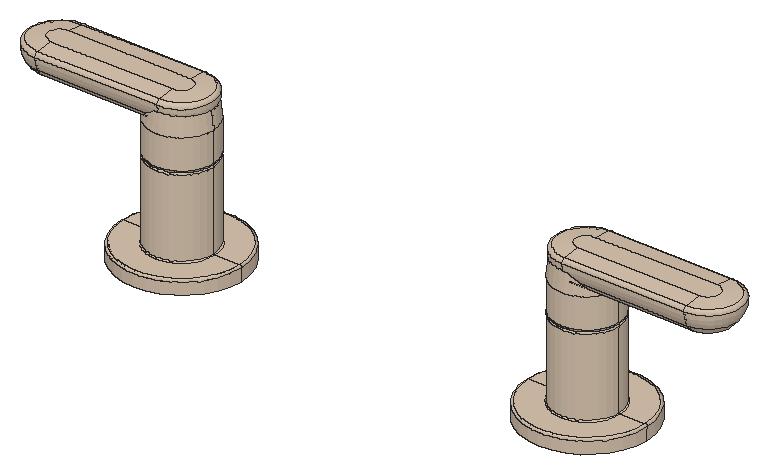
Revit family "Faucet-Wall_Mount-Lavatory-KALLISTA-002-P34128-1", category Plumbing Fixtures, host Face, Revit 2021
Family settings
  Host = Face
  Round Connector Dimension = Use Diameter
  Part Type = Normal
  OmniClass Number = 23.31.11.00
  OmniClass Title = Faucets
  Cut with Voids When Loaded = No
  Shared = No
  Room Calculation Point = No
Parameters (values of type "BAF-Brushed French Gold")
  Width [instance] = Faucet Hole Spacing  # 8"
  WaterSense Certified = 1 = 0  # no
  Waste Water Outlet = "Waste Water Outlet"  # constant formula
  Waste Connection = 1 = 0  # no
  Vent Connection = 1 = 0  # no
  URL = "https://www.kallista.com/"
  Type = 1
  Spout Reach = 3.07874"  # constant formula
  Product Page URL = ""
  Product Name = "002"  # constant formula
  Product Documentation Link = ""
  Pressure = 0.00 psi
  Model = if(Type = 1, "P34128-LV-BAF", if(Type = 2, "P34128-LV-BL", if(Type = 3, "P34128-LV-BN", if(Type = 4, "P34128-LV-CP", if(Type = 5, "P34128-LV-SN", "NA")))))  # "P34128-LV-BAF"
  Material = "Premium Metal Construction"  # constant formula
  Master Format 2014 Name = "Residential Faucets, Supplies, and Trim"  # constant formula
  Master Format 2014 = "22 41 39"  # constant formula
  Manufacturer Address = "444 Highland Dr, Kohler, WI 53044"  # constant formula
  Manufacturer = "Kallista Co."  # constant formula
  Length = Spout Reach  # 3.07874"
  Hot Water Inlet = "Hot Water Inlet"  # constant formula
  Height = 2.3622"  # constant formula
  Handle Clearance = 3 1/256"  # constant formula
  HW Connection = 1 = 1  # yes
  Flow Rate = 0 GPM
  Finish = Kallista-Metal-BAF-Brushed_French_Gold
  Faucet Hole Spacing [instance] = 8"
  Environmental Product Declaration = ""
  Drain Included = 1 = 0  # no
  Description = "Capsule Wall Mount Bath Faucet Handles "  # constant formula
  Default Elevation = 36"
  Declare Label = ""
  Date Modified = "11/30/2023"  # constant formula
  Date Created = "11/30/2023"  # constant formula
  Copyright = "Copyright Kallista Co."  # constant formula
  Contact Us = "https://www.kallista.com/corporate/contact-us/"
  Cold Water Inlet = "Cold Water Inlet"  # constant formula
  CW Connection = 1 = 1  # yes
  Assembly Code = "D2010"
  ADA Compliant = 1 = 0  # no
Types (6): name | Type | Model | Finish
  (no name) | 1 | "P34128-LV-BAF" | Kallista-Metal-BAF-Brushed_French_Gold
  BAF-Brushed French Gold | 1 | "P34128-LV-BAF" | Kallista-Metal-BAF-Brushed_French_Gold
  BN-Brushed Nickel | 3 | "P34128-LV-BN" | Kallista-Metal-BN-Brushed_Nickel
  BL-Matte Black | 2 | "P34128-LV-BL" | Kalista-Metal-BL-Matte_Black
  SN-Polished Nickel | 5 | "P34128-LV-SN" | Kallista-Metal-SN-Polished_Nickel
  CP-Chrome | 4 | "P34128-LV-CP" | Kallista-Metal-CP-Chrome
Reference planes (in)
  plane 1 "Center (Front/Back)": y = 0
  plane 2: z = 0
  plane 3 "Center (Left/Right)": x = 0
  plane 4: x = -4
  plane 5: x = 4
  plane 6: y = 1.1811
  plane 7: y = -1.1811
  plane 8: x = -2.8189
  plane 9: y = 0.98425
  plane 10: y = -0.98425
  plane 11: y = 0.62992
  plane 12: y = -0.62992
  plane 13: x = -7.00391
  plane 14: x = 7.00391
  plane 15: x = -4.62992
  plane 16: x = 5.1811
  plane 17: x = 2.8189
  plane 18: x = -5.1811
  plane 19: x = -3.37008
  plane 20: x = 3.37008
  plane 21: x = 4.62992
  plane 22: z = 3.07874
  plane 23: z = 2.45669
  plane 24: z = 0.27559
Dimensions and locks (in)
  equal spacing: plane 4, plane 3 "Center (Left/Right)", plane 5
  "Width": plane 4 to plane 5
  locked: plane 4 to plane 15 at 0.62992
  locked: plane 4 to plane 18 at 1.1811
  locked: plane 8 to plane 4 at 1.1811
  locked: plane 17 to plane 5 at 1.1811
  locked: plane 5 to plane 16 at 1.1811
  locked: plane 19 to plane 4 at 0.62992
  locked: plane 20 to plane 5 at 0.62992
  plane 5 to plane 21 = 0.62992"
  "Height": plane 6 to plane 7
  "Length": plane 22 to level
  "Handle Clearance": plane 5 to plane 14
  "Handle Clearance": plane 4 to plane 13
  plane 24 to plane 23 = 2.1811"
  level to plane 24 = 0.27559"
  plane 20 to plane 14 = 3.63383"
  plane 5 to plane 14 = 3 1/256"
  plane 21 to plane 20 = 1.25984"
  plane 3 "Center (Left/Right)" to plane 4 = 4"
  plane 11 to plane 12 = 1.25984"
  plane 18 to plane 8 = 2.3622"
  plane 24 to level = 0.27559"
  aligned and locked: plane 2 to host face
  aligned and locked: level to host face
  aligned and locked: plane 4 to nested 1
  aligned and locked: plane 1 "Center (Front/Back)" to nested 1
  aligned and locked: nested 2 to plane 5
  aligned and locked: nested 2 to plane 1 "Center (Front/Back)"
  aligned and locked: plane 22 to nested 1
  aligned and locked: plane 23 to nested 1
Automatic sketch dimensions
  host sketch curve to host sketch curve = 96"  (x2)
Nested families (in)
  nested 1: "P34128" at (-4, 0, 0), type "P34128"
  nested 2: "P34128" at (4, 0, 0) x (-1, 0, 0) z (0, 0, 1), type "P34128"
Connectors (in)
  piping at (-3.89925, 0, 0), diameter 0.5, driven by "HW Connection", driven by "Hot Water Inlet"
    settings: on nested 1, index 1, connector inside diameter 24", connector length 0", flow factor 0, pipe flow 0 GPM, pressure drop 0.00 psi, fitting loss kfactor 0, connector angle 0.00°, fixture units 0, engagement length 0", angle of deflection 0.00°, flow configuration 0, flow direction 1, fitting loss method 0, system type 19, joint type 0, gender type 0, connector reference index -1, connector utility 1, adjustable connector no, is connector primary yes, connector description "Hot Water Inlet"
  piping at (3.89925, 0, 0), diameter 0.5, driven by "CW Connection", driven by "Cold Water Inlet"
    settings: on nested 2, index 2, connector inside diameter 24", connector length 0", flow factor 0, pipe flow 0 GPM, pressure drop 0.00 psi, fitting loss kfactor 0, connector angle 0.00°, fixture units 0, engagement length 0", angle of deflection 0.00°, flow configuration 0, flow direction 1, fitting loss method 0, system type 20, joint type 0, gender type 0, connector reference index -1, connector utility 1, adjustable connector no, is connector primary no, connector description "Cold Water Inlet"
Definition of nested family "P34128"
  Parameters
    Material = none
    Default Elevation = 0"
  Reference planes (in)
    plane 1 "Center (Front/Back)": y = 0
    plane 2: z = 0
    plane 3 "Center (Left/Right)": x = 0
    plane 4: x = -2.50394
    plane 5: y = 0.98425
    plane 6: y = -0.98425
    plane 7: x = -1.1811
    plane 8: x = 1.1811
    plane 9: z = 3.07874
    plane 10: x = -0.62992
    plane 11: x = 0.62992
    plane 12: y = 0.62992
    plane 13: y = -0.62992
    plane 14: x = -3.00394
    plane 15: y = 1.1811
    plane 16: y = -1.1811
    plane 17: z = 0.27559
    plane 18: z = 2.45669
  Forms (in)
    Revolve 1, solid, material <- "Material", detail levels medium+fine
      sketch origin (0, 0, 0) x (1, 0, 0) y (0, 0, 1)
        loop
          line (0, 0) -> (0, 1.94511) -> (-0.43834, 1.94511) -> (-0.43834, 1.85845)
          arc (-0.43834, 1.85845) -> (-0.4443, 1.84406) -> (-0.45869, 1.8381) r 0.02035
          line (-0.45869, 1.8381) -> (-0.60996, 1.8381)
          arc (-0.60996, 1.8381) -> (-0.62408, 1.83225) -> (-0.62992, 1.81814) r 0.01996
          line (-0.62992, 1.81814) -> (-0.62992, 0.29528)
          arc (-0.62992, 0.29528) -> (-0.63569, 0.28136) -> (-0.64961, 0.27559) r 0.01969
          line (-0.64961, 0.27559) -> (-1.14062, 0.27559)
          arc (-1.14062, 0.27559) -> (-1.16925, 0.26373) -> (-1.1811, 0.23511) r 0.04048
          line (-1.1811, 0.23511) -> (-1.1811, 0) -> (0, 0)
        axis (0, 1.94511) -> (0, 0)
      angle from 0 to 360
    Sweep 2, solid, material <- "Material", detail levels medium+fine
      path origin (0, 0, -1.08808) x (1, 0, 0) y (0, 1, 0)
        loop
          arc (-2.39952, 0.60433) -> (-3.00385, 0) -> (-2.39952, -0.60433) r 0.60433
          line (-2.39952, -0.60433) -> (0.00365, -0.60433)
          arc (0.00365, -0.60433) -> (0.60798, 0) -> (0.00365, 0.60433) r 0.60433
          line (0.00365, 0.60433) -> (-2.39952, 0.60433)
      profile origin (-1.19794, 0.60433, -1.08808) x (0, 1, 0) y (0, 0, 1)
        loop
          arc (-0.07473, 3.77749) -> (-0.01445, 3.90942) -> (0.00587, 4.05304) r 0.50531
          arc (0.00587, 4.05304) -> (-0.01273, 4.1045) -> (-0.05974, 4.1325) r 0.08126
          arc (-0.05974, 4.1325) -> (-0.22334, 4.15645) -> (-0.38848, 4.16446) r 1.70688
          line (-0.38848, 4.16446) -> (-0.46934, 4.16446) -> (-0.46934, 3.57663) -> (-0.38697, 3.57663)
          arc (-0.38697, 3.57663) -> (-0.30868, 3.58749) -> (-0.2363, 3.61927) r 0.28749
          arc (-0.2363, 3.61927) -> (-0.14665, 3.68932) -> (-0.07473, 3.77749) r 0.51061
    Revolve 3, solid, material <- "Material", detail levels medium+fine
      sketch origin (0, 0, -1.06982) x (1, 0, 0) y (0, 0, 1)
        loop
          line (0.62992, 2.95275) -> (0.62992, 3.5433)
          arc (0.62992, 3.5433) -> (0.61799, 3.8026) -> (0.58231, 4.05972) r 2.82454
          line (0.58231, 4.05972) -> (0, 4.05972) -> (0, 2.92813) -> (0.6053, 2.92813)
          arc (0.6053, 2.92813) -> (0.62271, 2.93534) -> (0.62992, 2.95275) r 0.02462
        axis (0, 2.92813) -> (0, 4.05972)
      angle from 0 to 360
    Extrusion 4, solid, material <- "Material"
      sketch origin (0.10075, 0, 0) x (1, 0, 0) y (0, 1, 0)
        loop
          circle (0, 0) r 0.07874
      from 0 to 0.03646
    Extrusion 5, solid, material <- "Material", detail levels coarse
      sketch origin (0, 0, 0) x (1, 0, 0) y (0, 1, 0)
        loop
          arc (-2.39952, 0.60433) -> (-3.00385, 0) -> (-2.39952, -0.60433) r 0.60433
          line (-2.39952, -0.60433) -> (0.00365, -0.60433)
          arc (0.00365, -0.60433) -> (0.60798, 0) -> (0.00365, 0.60433) r 0.60433
          line (0.00365, 0.60433) -> (-2.39952, 0.60433)
      from 2.49108 to 3.08215
    Revolve 6, solid, material <- "Material", detail levels coarse
      sketch origin (0, 0, 0) x (1, 0, 0) y (0, 0, 1)
        loop
          line (0, 0) -> (0, 3.07326) -> (-0.60798, 3.07326) -> (-0.60798, 1.86317) -> (-0.43834, 1.86317) -> (-0.39272, 1.83788) -> (-0.6298, 1.83788) -> (-0.6298, 0.27484) -> (-1.1811, 0.27484) -> (-1.1811, 0) -> (0, 0)
        axis (0, 3.07326) -> (0, 0)
      angle from 0 to 360
    Extrusion 7, solid, material <- "Material", detail levels medium+fine
      sketch origin (0, 0, 0) x (1, 0, 0) y (0, 1, 0)
        loop
          line (-2.39952, -0.13499) -> (0.00365, -0.13499)
          arc (0.00365, -0.13499) -> (0.13864, 0) -> (0.00365, 0.13499) r 0.13499
          line (0.00365, 0.13499) -> (-2.39952, 0.13499)
          arc (-2.39952, 0.13499) -> (-2.53451, 0) -> (-2.39952, -0.13499) r 0.13499
      from 2.48855 to 3.07638
  Cuts and joins
    joined: Sweep 2, Extrusion 7
  Lines and regions (in)
    Masking region 1
      outline origin (0, 0, 0) x (1, 0, 0) y (0, 1, 0)
        loop
          arc (-2.40297, 0.62992) -> (-2.76243, 0.4974) -> (-2.97936, 0.18164) r 0.63222
          arc (-2.97936, 0.18164) -> (-2.99776, 0.0996) -> (-3.00394, 0.01575) r 0.57221
          line (-3.00394, 0.01575) -> (-3.00394, -0.01575)
          arc (-3.00394, -0.01575) -> (-2.8287, -0.44539) -> (-2.40297, -0.62992) r 0.61432
          line (-2.40297, -0.62992) -> (-0.9991, -0.62992)
          arc (-0.9991, -0.62992) -> (-0.76413, -0.90062) -> (-0.45877, -1.08836) r 1.1811
          arc (-0.45877, -1.08836) -> (-0.24262, -1.15767) -> (-0.01684, -1.1811) r 1.09932
          line (-0.01684, -1.1811) -> (0.01465, -1.1811)
          arc (0.01465, -1.1811) -> (0.29041, -1.1467) -> (0.54926, -1.04562) r 1.12248
          arc (0.54926, -1.04562) -> (0.87039, -0.79839) -> (1.08904, -0.45716) r 1.1811
          arc (1.08904, -0.45716) -> (1.14545, -0.29496) -> (1.1811, -0.12697) r 1.36894
          line (1.1811, -0.12697) -> (1.1811, 0.04595)
          arc (1.1811, 0.04595) -> (1.14377, 0.29551) -> (1.05471, 0.53159) r 1.19109
          arc (1.05471, 0.53159) -> (0.70496, 0.94765) -> (0.20592, 1.16301) r 1.1811
          arc (0.20592, 1.16301) -> (0.11369, 1.17566) -> (0.02076, 1.1811) r 1.19599
          line (0.02076, 1.1811) -> (-0.01078, 1.1811)
          arc (-0.01078, 1.1811) -> (-0.05484, 1.17984) -> (-0.09883, 1.17696) r 1.19905
          arc (-0.09883, 1.17696) -> (-0.61333, 1.00937) -> (-0.9991, 0.62992) r 1.1811
          line (-0.9991, 0.62992) -> (-2.40297, 0.62992)
    Masking region 2
      outline origin (0, 0, 0) x (1, 0, 0) y (0, 0, 1)
        loop
          line (-2.49936, 2.45669) -> (-1.02362, 2.45669)
          arc (-1.02362, 2.45669) -> (-0.74523, 2.34138) -> (-0.62992, 2.06299) r 0.3937
          line (-0.62992, 2.06299) -> (-0.62992, 1.87583)
          arc (-0.62992, 1.87583) -> (-0.62411, 1.8618) -> (-0.61008, 1.85599) r 0.01984
          line (-0.61008, 1.85599) -> (-0.45798, 1.85599) -> (-0.39016, 1.83636) -> (-0.61012, 1.83636)
          arc (-0.61012, 1.83636) -> (-0.62412, 1.83056) -> (-0.62992, 1.81655) r 0.01981
          line (-0.62992, 1.81655) -> (-0.62992, 0.29528)
          arc (-0.62992, 0.29528) -> (-0.63569, 0.28136) -> (-0.64961, 0.27559) r 0.01969
          line (-0.64961, 0.27559) -> (-1.1333, 0.27559)
          arc (-1.1333, 0.27559) -> (-1.1671, 0.26159) -> (-1.1811, 0.22779) r 0.0478
          line (-1.1811, 0.22779) -> (-1.1811, 0.022)
          arc (-1.1811, 0.022) -> (-1.17466, 0.00644) -> (-1.1591, 0) r 0.022
          line (-1.1591, 0) -> (1.1591, 0)
          arc (1.1591, 0) -> (1.17466, 0.00644) -> (1.1811, 0.022) r 0.022
          line (1.1811, 0.022) -> (1.1811, 0.23004)
          arc (1.1811, 0.23004) -> (1.16776, 0.26225) -> (1.13555, 0.27559) r 0.04555
          line (1.13555, 0.27559) -> (0.64961, 0.27559)
          arc (0.64961, 0.27559) -> (0.63569, 0.28136) -> (0.62992, 0.29528) r 0.01969
          line (0.62992, 0.29528) -> (0.62992, 1.81655)
          arc (0.62992, 1.81655) -> (0.62412, 1.83056) -> (0.61012, 1.83636) r 0.01981
          line (0.61012, 1.83636) -> (0.39016, 1.83636) -> (0.45798, 1.85599) -> (0.61008, 1.85599)
          arc (0.61008, 1.85599) -> (0.62411, 1.8618) -> (0.62992, 1.87583) r 0.01984
          line (0.62992, 1.87583) -> (0.62992, 2.99874)
          arc (0.62992, 2.99874) -> (0.62044, 3.02469) -> (0.59645, 3.0384) r 0.04024
          arc (0.59645, 3.0384) -> (0.35912, 3.06864) -> (0.12008, 3.07874) r 2.8329
          line (0.12008, 3.07874) -> (-2.53053, 3.07874)
          arc (-2.53053, 3.07874) -> (-2.75129, 3.0694) -> (-2.97046, 3.04143) r 2.61228
          arc (-2.97046, 3.04143) -> (-2.99445, 3.02771) -> (-3.00394, 3.00175) r 0.04025
          line (-3.00394, 3.00175) -> (-3.00394, 2.86002)
          arc (-3.00394, 2.86002) -> (-2.82234, 2.56992) -> (-2.49936, 2.45669) r 0.51728
    Masking region 3
      outline origin (0, 0, 0) x (0, 1, 0) y (0, 0, 1)
        loop
          line (-0.62992, 1.8138) -> (-0.62992, 0.32301)
          arc (-0.62992, 0.32301) -> (-0.62713, 0.29867) -> (-0.6189, 0.27559) r 0.10747
          line (-0.6189, 0.27559) -> (-1.13677, 0.27559)
          arc (-1.13677, 0.27559) -> (-1.16812, 0.26261) -> (-1.1811, 0.23126) r 0.04433
          line (-1.1811, 0.23126) -> (-1.1811, 0.0214)
          arc (-1.1811, 0.0214) -> (-1.17484, 0.00627) -> (-1.15971, 0) r 0.0214
          line (-1.15971, 0) -> (1.15971, 0)
          arc (1.15971, 0) -> (1.17484, 0.00627) -> (1.1811, 0.0214) r 0.0214
          line (1.1811, 0.0214) -> (1.1811, 0.23126)
          arc (1.1811, 0.23126) -> (1.16812, 0.26261) -> (1.13677, 0.27559) r 0.04433
          line (1.13677, 0.27559) -> (0.6189, 0.27559)
          arc (0.6189, 0.27559) -> (0.62713, 0.29867) -> (0.62992, 0.32301) r 0.10747
          line (0.62992, 0.32301) -> (0.62992, 1.81995)
          arc (0.62992, 1.81995) -> (0.62402, 1.8342) -> (0.60977, 1.84011) r 0.02016
          line (0.60977, 1.84011) -> (0.43053, 1.84011) -> (0.4517, 1.86533) -> (0.61011, 1.86533)
          arc (0.61011, 1.86533) -> (0.62412, 1.87113) -> (0.62992, 1.88513) r 0.01981
          line (0.62992, 1.88513) -> (0.62992, 2.99452)
          arc (0.62992, 2.99452) -> (0.61974, 3.02184) -> (0.59417, 3.03582) r 0.04173
          arc (0.59417, 3.03582) -> (0.40162, 3.05913) -> (0.20819, 3.07343) r 4.16174
          arc (0.20819, 3.07343) -> (0.1111, 3.07741) -> (0.01393, 3.07874) r 3.55653
          line (0.01393, 3.07874) -> (-0.01757, 3.07874)
          arc (-0.01757, 3.07874) -> (-0.06068, 3.07843) -> (-0.10379, 3.0775) r 2.98571
          arc (-0.10379, 3.0775) -> (-0.34907, 3.06424) -> (-0.59315, 3.03654) r 4.16174
          arc (-0.59315, 3.03654) -> (-0.61945, 3.02219) -> (-0.62992, 2.99412) r 0.04286
          line (-0.62992, 2.99412) -> (-0.62992, 1.88513)
          arc (-0.62992, 1.88513) -> (-0.62412, 1.87113) -> (-0.61011, 1.86533) r 0.01981
          line (-0.61011, 1.86533) -> (-0.4517, 1.86533) -> (-0.43053, 1.84011) -> (-0.60977, 1.84011)
          arc (-0.60977, 1.84011) -> (-0.62402, 1.8342) -> (-0.62992, 1.81995) r 0.02016
    symbolic lines, detail levels medium+fine
      curve 1: line (-1.1752, -0.62992, 0) -> (-0.00187, -0.62992, 0)
      curve 2: line (-1.1752, 0.62992, 0) -> (-0.00187, 0.62992, 0)
      curve 3: line (0, 0.5874, 0) -> (0, -0.62992, 0)
      curve 4: line (-1.1811, 0, 0.022) -> (1.1811, 0, 0.022)
      curve 5: line (-2.49936, 0, 2.45669) -> (-2.49936, 0, 3.07874)
      curve 6: line (-0.45798, 0, 1.85599) -> (0.45798, 0, 1.85599)
      curve 7: line (0.39016, 0, 1.83636) -> (-0.39016, 0, 1.83636)
      curve 8: line (-0.62992, 0, 1.81655) -> (0.62992, 0, 1.81655)
      curve 9: line (-0.62992, 0, 1.87583) -> (0.62992, 0, 1.87583)
      curve 10: line (-2.97046, 0, 3.04143) -> (0.59645, 0, 3.0384)
      curve 11: line (0.62992, 0, 2.99874) -> (-3.00394, 0, 3.00175)
      curve 12: arc (-0.51558, 0, 2.99969) -> (-0.13091, 0, 2.6469) -> (0, 0, 2.14164) r 0.92023
      curve 13: line (0, 0, 2.14164) -> (0, 0, 1.87583)
      curve 14: line (-1.1811, 0, 2.45669) -> (-1.1811, 0, 3.00024)
      curve 15: line (-0.64961, 0, 0.27559) -> (0.64961, 0, 0.27559)
      curve 16: line (-0.62992, 0, 0.29528) -> (0.62992, 0, 0.29528)
      curve 17: line (1.1811, 0, 0.23004) -> (-1.18105, 0, 0.23004)
      curve 18: arc (-0.00187, 0.62992, 0) -> (0.62806, 0, 0) -> (-0.00187, -0.62992, 0) r 0.62992
      curve 19: line (-2.38056, 0.5874, 0) -> (0, 0.5874, 0)
      curve 20: arc (-0.00187, 0.5874, 0) -> (0.58554, 0, 0) -> (-0.00187, -0.5874, 0) r 0.5874
      curve 21: line (-0.00187, -0.5874, 0) -> (-2.38056, -0.5874, 0)
      curve 22: arc (-2.38056, -0.5874, 0) -> (-2.96796, 0, 0) -> (-2.38056, 0.5874, 0) r 0.5874
      curve 23: arc (-0.94125, -0.62992, 0) -> (1.13259, 0, 0) -> (-0.94125, 0.62992, 0) r 1.13259
      curve 24: line (0, 0.4517, 1.86533) -> (0, -0.4517, 1.86533)
      curve 25: line (0, -0.43053, 1.84011) -> (0, 0.43053, 1.84011)
      curve 26: line (0, 0.62992, 1.81995) -> (0, -0.62992, 1.8138)
      curve 27: line (0, 0.59417, 3.03582) -> (0, -0.59315, 3.03654)
      curve 28: line (0, -0.62992, 2.99412) -> (0, 0.62992, 2.99452)
      curve 29: line (0, 0.62992, 1.88513) -> (0, -0.62992, 1.88513)
      curve 30: line (0, 0.6189, 0.27559) -> (0, -0.6189, 0.27559)
      curve 31: line (0, -1.1811, 0.23126) -> (0, 1.1811, 0.23126)
      curve 32: line (0, 1.1811, 0.0214) -> (0, -1.1811, 0.0214)
      curve 33: line (0, 0.62992, 0.32301) -> (0, -0.62992, 0.32301)
      curve 34: arc (0, -0.62992, 2.99412) -> (0, 0.00017, 2.45669) -> (0, 0.62992, 2.99452) r 0.63784
  Dimensions and locks (in)
    plane 4 to plane 3 "Center (Left/Right)" = 2.50394"
    plane 9 to level = 3.07874"
    plane 11 to plane 4 = 3.13386"
    plane 9 to plane 17 = 2.80315"
    plane 10 to plane 11 = 1.25984"
    aligned and locked: plane 2 to level
    aligned and locked: plane 8 to Masking region 2 sketch curve
    aligned and locked: plane 11 to Masking region 2 sketch curve
    aligned and locked: Masking region 2 sketch curve to plane 10
    aligned and locked: Masking region 2 sketch curve to plane 11
    aligned and locked: plane 14 to Masking region 1 sketch curve
    aligned and locked: Masking region 3 sketch curve to plane 15
    aligned and locked: plane 16 to Masking region 3 sketch curve
    aligned and locked: Masking region 2 sketch curve to plane 18
    aligned and locked: Masking region 2 sketch curve to plane 17
    aligned and locked: plane 17 to Masking region 2 sketch curve
    aligned and locked: Masking region 1 sketch curve to plane 8
